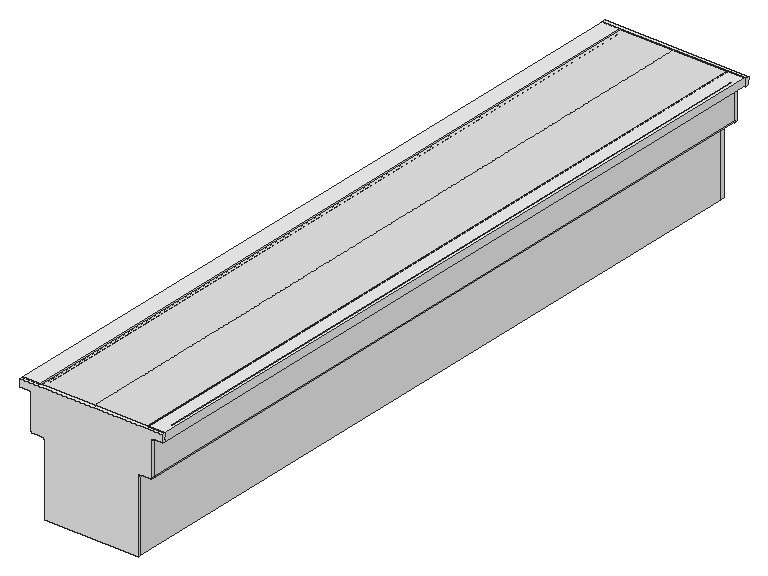
Revit family "Lighting-Linear-Current-NRL", category Lighting Fixtures, host Face, Revit 2019
Family settings
  Host = Face
  Round Connector Dimension = Use Diameter
  Part Type = Normal
  OmniClass Number = 23.80.70.11
  OmniClass Title = Luminaries for Internal Lighting
  Cut with Voids When Loaded = No
  Light Source = Yes
  Shared = No
  Room Calculation Point = No
Parameters (values of type "CWW4-30VWG-1WW-EDU")
  Width = 4.720"
  Wattage Comments = "10-65W"  # constant formula
  Wattage = 31 W
  built-in parameter 1150110 = 1 (stored number, unit not read)
  Voltage Comments = "120-277V"  # constant formula
  Voltage = 120 V
  Version = ""
  URL = "https://www.currentlighting.com/columbialighting"
  Type Comments = "Light Fixture"  # constant formula
  built-in parameter 1114217 = 1 (stored number, unit not read)
  Tilt Angle = -90.00°
  built-in parameter 1150109 = 1 (stored number, unit not read)
  built-in parameter 1150134 = 3
  built-in parameter 1150113 = 1 (stored number, unit not read)
  Product Page URL = "https://www.currentlighting.com/indoor-lighting/transition-nrl/234677"
  Product Documentation Link = "cdn.currentlighting.com/site/specsheet/COL_NRL_spec.pdf"
  Power Factor = 0.9
  Photometry Note = "Please load ies file listed under Photometric Web File for accurate rendering."  # constant formula
  Photometric Web File = "NRL4-LSCS_MED_4000K.ies"
  Mounting = "Please Refer to the Product Spec Sheet for Mounting options"  # constant formula
  Model = "NRL"  # constant formula
  Manufacturer = "Current Lighting"  # constant formula
  built-in parameter 1150105 = 109.82 (stored number, unit not read)
  Lumens = 3217 lm
  built-in parameter 1150115 = 1 (stored number, unit not read)
  Load Classification = Lighting
  built-in parameter 1150137 = (empty or 0)
  built-in parameter 1150139 = (empty or 0)
  Length = 23.750"
  built-in parameter 1150112 = 1 (stored number, unit not read)
  built-in parameter 1150114 = 1 (stored number, unit not read)
  Lamp = "LED"  # constant formula
  Keynote = ""
  built-in parameter 1150132 = (empty or 0)
  built-in parameter 1150102 = (empty or 0)
  built-in parameter 1150107 = 3000 (stored number, unit not read)
  built-in parameter 1150138 = (empty or 0)
  built-in parameter 1150106 = 1.0982 (stored number, unit not read)
  Housing Material = Paint - Current - White
  Features = "Switchable Lumen technology: 550/750/1000 lumens per foot\r\nSwitchable CCT technology: 3500/4000/5000K\r\nSmooth, frosted polycarbonate lens offers high performance without pixelation\r\n0-10V dimming to 10%\r\nContinuous row wiring\r\nAppropriate for offices, schools, medical, and public spaces\r\nHigh performance reflector with white paint standard\r\nLED modules and electrical accessible from below"  # constant formula
  Emit from Rectangle Width = Length - 0.200"  # 23.550"
  Emit from Rectangle Length = 3.000"  # constant formula
  Emit Shape Visible in Rendering = no
  built-in parameter 1150104 = 9.6619 (stored number, unit not read)
  Dimming Lamp Color Temperature Shift = (empty or 0)
  Dimmimng Protocol = "0-10V"  # constant formula
  Diffuser Material = Diffuser - Current - White
  Description = "The NRL is a narrow recessed linear fixture with switchable lumens and CCT for offices, schools, healthcare and public spaces."  # constant formula
  Depth = 3.820"
  Default Elevation = 48.000"
  Copyright = "© 2023 HLI Solutions, Inc."  # constant formula
  Controller = "Please Refer to the Product Spec Sheet for Controller options"  # constant formula
  Color Rendering Index = "80"
  Color Filter = 16777215
  built-in parameter 1114218 = 1 (stored number, unit not read)
  built-in parameter 1150133 = 10 (stored number, unit not read)
  Assembly Code = "D5020200"
  Apparent Load = Wattage  # 31 W
Reference planes (in)
  plane 1 "Center (Front/Back)": y = 0
  plane 2: z = 0
  plane 3 "Center (Left/Right)": x = 0
  plane 4: y = 11.875
  plane 5: y = -11.875
  plane 6: x = -1.75
  plane 7: x = 1.75
  plane 8 "Void Cut Depth": z = -3.77
  plane 9: y = 11.875
  plane 10: y = -11.875
  plane 11: z = -1.941
  plane 12: z = -0.031
  plane 13: z = 0.05
  plane 14: x = -1.524
  plane 15: z = -3.95
  plane 16: x = 1.524
  plane 17: y = -11.775
  plane 18: z = -3.95
  plane 19: y = 11.775
  plane 20: x = -2.36
  plane 21: x = 2.36
Forms (in)
  Extrusion 1, void, detail levels medium+fine
    sketch origin (0, 0, 0) x (1, 0, 0) y (0, 1, 0)
      loop
        line (-1.75, 11.875) -> (-1.75, -11.875) -> (1.75, -11.875) -> (1.75, 11.875) -> (-1.75, 11.875)
    from 0 to -3.77
  Extrusion 2, solid, material "Paint - Current - White" <- "Housing Material", detail levels medium+fine
    sketch origin (0, 0, 0) x (1, 0, 0) y (0, 0, 1)
      loop
        arc (1.53117, -1.44226) -> (1.54964, -1.39767) -> (1.59423, -1.3792) r 0.06306
        line (1.59423, -1.3792) -> (1.91907, -1.3792)
        arc (1.91907, -1.3792) -> (1.94878, -1.3669) -> (1.96108, -1.33719) r 0.04201
        line (1.96108, -1.33719) -> (1.96108, -0.23598)
        arc (1.96108, -0.23598) -> (1.97255, -0.20828) -> (2.00026, -0.19681) r 0.03918
        line (2.00026, -0.19681) -> (2.31471, -0.19681) -> (2.31471, 0.05) -> (1.7494, 0.05) -> (1.7494, 0) -> (2.25013, 0) -> (2.25013, -0.12395) -> (1.98696, -0.12395)
        arc (1.98696, -0.12395) -> (1.92764, -0.14853) -> (1.90307, -0.20785) r 0.0839
        line (1.90307, -0.20785) -> (1.90307, -1.32309) -> (1.59404, -1.32309) -> (0.81668, -1.70223) -> (0.80309, -1.67437) -> (0.68571, -1.73162) -> (0.66379, -1.68668) -> (0.48403, -1.77435) -> (0.50595, -1.81929) -> (0.38857, -1.87654) -> (0.40216, -1.90441) -> (0.32713, -1.941) -> (-0.32713, -1.941) -> (-1.59404, -1.32309) -> (-1.90307, -1.32309) -> (-1.90307, -0.20785)
        arc (-1.90307, -0.20785) -> (-1.92764, -0.14853) -> (-1.98696, -0.12395) r 0.0839
        line (-1.98696, -0.12395) -> (-2.25013, -0.12395) -> (-2.25013, 0) -> (-1.7494, 0) -> (-1.7494, 0.05) -> (-2.31471, 0.05) -> (-2.31471, -0.19681) -> (-2.00026, -0.19681)
        arc (-2.00026, -0.19681) -> (-1.97255, -0.20828) -> (-1.96108, -0.23598) r 0.03918
        line (-1.96108, -0.23598) -> (-1.96108, -1.33719)
        arc (-1.96108, -1.33719) -> (-1.94878, -1.3669) -> (-1.91907, -1.3792) r 0.04201
        line (-1.91907, -1.3792) -> (-1.61033, -1.3792)
        arc (-1.61033, -1.3792) -> (-1.55435, -1.40239) -> (-1.53117, -1.45836) r 0.07916
        line (-1.53117, -1.45836) -> (-1.53117, -3.77) -> (1.53117, -3.77) -> (1.53117, -1.44226)
      loop
        line (1.50017, -1.41182) -> (0.35163, -1.972) -> (-0.35162, -1.972) -> (-1.50017, -1.41182) -> (-1.50017, -3.739) -> (1.50017, -3.739) -> (1.50017, -1.41182)
    from -11.775 to 11.775
  Extrusion 3, solid, material "Diffuser - Current - White" <- "Diffuser Material", detail levels medium+fine
    sketch origin (0, 0, 0) x (1, 0, 0) y (0, 0, 1)
      loop
        line (0, 0.03906) -> (-1.7494, 0.03906) -> (-1.7494, -0.05462) -> (-1.85346, -0.14117)
        arc (-1.85346, -0.14117) -> (-1.88041, -0.2009) -> (-1.84999, -0.25894) r 0.07482
        line (-1.84999, -0.25894) -> (-1.77324, -0.31547)
        arc (-1.77324, -0.31547) -> (-1.75779, -0.31312) -> (-1.76014, -0.29767) r 0.01105
        line (-1.76014, -0.29767) -> (-1.81956, -0.2539)
        arc (-1.81956, -0.2539) -> (-1.84784, -0.19994) -> (-1.82279, -0.14441) r 0.06957
        line (-1.82279, -0.14441) -> (-1.71934, -0.05836) -> (-1.71934, 0.00806) -> (0, 0.00806) -> (1.71934, 0.00806) -> (1.71934, -0.05836) -> (1.82279, -0.14441)
        arc (1.82279, -0.14441) -> (1.84784, -0.19994) -> (1.81956, -0.2539) r 0.06957
        line (1.81956, -0.2539) -> (1.76014, -0.29767)
        arc (1.76014, -0.29767) -> (1.75779, -0.31312) -> (1.77324, -0.31547) r 0.01105
        line (1.77324, -0.31547) -> (1.84999, -0.25894)
        arc (1.84999, -0.25894) -> (1.88041, -0.2009) -> (1.85346, -0.14117) r 0.07482
        line (1.85346, -0.14117) -> (1.7494, -0.05462) -> (1.7494, 0.03906) -> (0, 0.03906)
    from -11.775 to 11.775
  Extrusion 4, solid, material "Paint - Current - White" <- "Housing Material", detail levels medium+fine
    sketch origin (0, 0, 0) x (1, 0, 0) y (0, 0, 1)
      loop
        line (-1.91907, -1.3792) -> (-1.61033, -1.3792)
        arc (-1.61033, -1.3792) -> (-1.55435, -1.40239) -> (-1.53117, -1.45836) r 0.07916
        line (-1.53117, -1.45836) -> (-1.53117, -3.77) -> (1.53117, -3.77) -> (1.53117, -1.44226)
        arc (1.53117, -1.44226) -> (1.54964, -1.39767) -> (1.59423, -1.3792) r 0.06306
        line (1.59423, -1.3792) -> (1.91907, -1.3792)
        arc (1.91907, -1.3792) -> (1.94878, -1.3669) -> (1.96108, -1.33719) r 0.04201
        line (1.96108, -1.33719) -> (1.96108, -0.23598)
        arc (1.96108, -0.23598) -> (1.97255, -0.20828) -> (2.00026, -0.19681) r 0.03918
        line (2.00026, -0.19681) -> (2.31471, -0.19681) -> (2.31471, 0.05) -> (0.083, 0.05) -> (-2.31471, 0.05) -> (-2.31471, -0.19681) -> (-2.00026, -0.19681)
        arc (-2.00026, -0.19681) -> (-1.97255, -0.20828) -> (-1.96108, -0.23598) r 0.03918
        line (-1.96108, -0.23598) -> (-1.96108, -1.33719)
        arc (-1.96108, -1.33719) -> (-1.94878, -1.3669) -> (-1.91907, -1.3792) r 0.04201
    from 11.775 to 11.875
  Extrusion 5, solid, material "Paint - Current - White" <- "Housing Material", detail levels medium+fine
    sketch origin (0, 0, 0) x (1, 0, 0) y (0, 0, -1)
      loop
        line (1.53117, 3.7625) -> (-1.53117, 3.7625) -> (-1.53117, 1.3792) -> (-1.96108, 1.3792) -> (-1.96108, 0.19681) -> (-2.33458, 0.19681) -> (-2.33458, -0.05) -> (2.33458, -0.05) -> (2.33458, 0.19681) -> (1.96108, 0.19681) -> (1.96108, 1.3792) -> (1.53117, 1.3792) -> (1.53117, 3.7625)
    from 11.775 to 11.875
  Extrusion 6, solid, material "Paint - Current - White" <- "Housing Material", detail levels coarse
    sketch origin (0, 0, 0) x (1, 0, 0) y (0, 0, 1)
      loop
        line (-2.36, 0.05) -> (-2.36, -3.95) -> (2.36, -3.95) -> (2.36, 0.05) -> (-2.36, 0.05)
    from -11.875 to 11.875
Lines and regions (in)
  symbolic lines, detail levels medium+fine
    curve 1: line (-1.6801, 11.875, 0) -> (-1.6801, -11.875, 0)
    curve 2: line (0.84728, -11.875, 0) -> (0.84728, 11.875, 0)
Dimensions and locks (in)
  equal spacing: plane 4, plane 1 "Center (Front/Back)", plane 5
  "Length": plane 4 to plane 5
  level to plane 8 "Void Cut Depth" = 3.770"
  equal spacing: plane 6, plane 3 "Center (Left/Right)", plane 7, locked at 1.75 each
  locked: plane 6 to plane 7 at 3.5
  equal spacing: plane 9, plane 1 "Center (Front/Back)", plane 10
  "Length": plane 9 to plane 10
  locked: host face to plane 12 at 0.031
  locked: plane 13 to host face at 0.05
  locked: plane 17 to plane 10 at 0.1
  locked: plane 19 to plane 9 at 0.1
  equal spacing: plane 21, plane 3 "Center (Left/Right)", plane 20
  "Width": plane 21 to plane 20
  "Depth": plane 13 to plane 8 "Void Cut Depth"
  Extrusion 2 sketch curve to Extrusion 2 sketch curve to Extrusion 2 sketch curve = 0.031" locked, 1.767" locked
  Extrusion 2 sketch curve to Extrusion 2 sketch curve to Extrusion 2 sketch curve = 0.031" locked, 0.61791" locked
  Extrusion 2 sketch curve to Extrusion 2 sketch curve to Extrusion 2 sketch curve = 0.031" locked, 0.3719" locked
  Extrusion 2 sketch curve to Extrusion 2 sketch curve to Extrusion 2 sketch curve = 0.28905" locked, 0.05801" locked
  Extrusion 2 sketch curve to Extrusion 2 sketch curve to Extrusion 2 sketch curve = 1.12628" locked, 0.07285" locked
  locked: Extrusion 2 sketch curve to Extrusion 2 sketch curve at 0.05
  locked: Extrusion 2 sketch curve to Extrusion 2 sketch curve at 0.15367
  aligned and locked: plane 2 to host face
  aligned and locked: level to host face
  aligned and locked: Extrusion 1 sketch curve to plane 4
  aligned and locked: plane 6 to Extrusion 1 sketch curve
  aligned and locked: plane 5 to Extrusion 1 sketch curve
  aligned and locked: Extrusion 1 sketch curve to plane 7
  aligned and locked: Extrusion 1 to plane 8 "Void Cut Depth"
  aligned and locked: level to Extrusion 1
  aligned and locked: Extrusion 4 to plane 10
  aligned and locked: plane 17 to Extrusion 4
  aligned and locked: Extrusion 3 to Extrusion 4
  aligned and locked: Extrusion 2 to Extrusion 3  (x2)
  aligned and locked: Extrusion 5 to plane 19
  aligned and locked: plane 9 to Extrusion 5
  aligned and locked: Extrusion 3 to Extrusion 5
  aligned and locked: imposter light to plane 3 "Center (Left/Right)"
  aligned and locked: plane 1 "Center (Front/Back)" to imposter light
  aligned and locked: level to imposter light
  aligned and locked: plane 9 to curve 2
  aligned and locked: plane 10 to curve 2
  aligned and locked: plane 10 to curve 1
  aligned and locked: plane 9 to curve 1
  aligned and locked: Extrusion 2 sketch curve to plane 8 "Void Cut Depth"
  aligned and locked: Extrusion 4 sketch curve to Extrusion 2  (x11)
  aligned and locked: Extrusion 2 to Extrusion 3 sketch curve
  aligned and locked: plane 9 to Extrusion 6
  aligned and locked: Extrusion 6 to plane 10
  aligned and locked: plane 21 to Extrusion 6
  aligned and locked: Extrusion 6 to plane 20
Automatic sketch dimensions
  host sketch curve to host sketch curve = 96.000"  (x2)
  plane 3 "Center (Left/Right)" to curve 2 = 0.84728"
  Extrusion 6 sketch curve to plane 8 "Void Cut Depth" = 0.180"
  Extrusion 5 sketch curve to plane 13 = 0.000"
  plane 20 to Extrusion 5 sketch curve = 0.02542"
  Extrusion 5 sketch curve to Extrusion 5 sketch curve = 0.3735"
  Extrusion 5 sketch curve to Extrusion 5 sketch curve = 0.42991"
  Extrusion 5 sketch curve to plane 21 = 0.82883"
  Extrusion 5 sketch curve to plane 21 = 0.39892"
  Extrusion 5 sketch curve to plane 21 = 0.02542"
  Extrusion 5 sketch curve to level = 0.19681"  (x2)
  Extrusion 5 sketch curve to Extrusion 5 sketch curve = 1.1824"  (x2)
  plane 8 "Void Cut Depth" to Extrusion 5 sketch curve = 0.0075"
  Extrusion 2 sketch curve to plane 13 = 0.000"
  Extrusion 2 sketch curve to level = 0.000"  (x2)
  plane 20 to Extrusion 2 sketch curve = 0.04529"
  Extrusion 2 sketch curve to Extrusion 2 sketch curve = 0.06458"
  Extrusion 2 sketch curve to Extrusion 2 sketch curve = 0.24987"
  Extrusion 2 sketch curve to Extrusion 2 sketch curve = 0.01329"  (x2)
  plane 20 to Extrusion 2 sketch curve = 0.39892"
  Extrusion 2 sketch curve to Extrusion 2 sketch curve = 0.04201"
  Extrusion 2 sketch curve to Extrusion 2 sketch curve = 0.016"  (x2)
  Extrusion 2 sketch curve to Extrusion 2 sketch curve = 0.23756"
  Extrusion 2 sketch curve to Extrusion 2 sketch curve = 0.29274"
  Extrusion 2 sketch curve to Extrusion 2 sketch curve = 0.031"
  Extrusion 2 sketch curve to Extrusion 2 sketch curve = 0.09387"
  plane 3 "Center (Left/Right)" to Extrusion 2 sketch curve = 0.32713"
  Extrusion 2 sketch curve to Extrusion 2 sketch curve = 0.02449"  (x2)
  plane 11 to Extrusion 2 sketch curve = 0.06446"
  Extrusion 2 sketch curve to Extrusion 2 sketch curve = 0.06144"
  plane 11 to Extrusion 2 sketch curve = 0.16665"
  Extrusion 2 sketch curve to Extrusion 2 sketch curve = 0.09546"
  plane 11 to Extrusion 2 sketch curve = 0.25432"
  plane 11 to Extrusion 2 sketch curve = 0.20938"
  plane 11 to Extrusion 2 sketch curve = 0.26663"
  plane 11 to Extrusion 2 sketch curve = 0.23877"
  Extrusion 2 sketch curve to Extrusion 2 sketch curve = 0.00018"
  Extrusion 2 sketch curve to Extrusion 2 sketch curve = 0.30902"
  Extrusion 2 sketch curve to Extrusion 2 sketch curve = 0.02588"
  Extrusion 2 sketch curve to plane 21 = 0.10987"
  Extrusion 2 sketch curve to plane 21 = 0.04529"
  plane 11 to Extrusion 2 sketch curve = 0.48264"
  Extrusion 2 sketch curve to Extrusion 2 sketch curve = 0.11917"
  Extrusion 2 sketch curve to Extrusion 2 sketch curve = 0.03044"
  Extrusion 2 sketch curve to Extrusion 2 sketch curve = 0.04654"
  Extrusion 2 sketch curve to Extrusion 2 sketch curve = 0.0141"
  Extrusion 2 sketch curve to level = 0.23598"
  Extrusion 2 sketch curve to Extrusion 2 sketch curve = 0.02814"
  Extrusion 2 sketch curve to Extrusion 2 sketch curve = 0.01628"
  Extrusion 2 sketch curve to plane 3 "Center (Left/Right)" = 0.35163"
  Extrusion 4 sketch curve to Extrusion 4 sketch curve = 0.04201"
  Extrusion 4 sketch curve to plane 14 = 0.08633"
  Extrusion 4 sketch curve to level = 0.23598"
  Extrusion 4 sketch curve to plane 16 = 1.441"
  Extrusion 4 sketch curve to Extrusion 4 sketch curve = 0.03918"  (x2)
  Extrusion 4 sketch curve to Extrusion 4 sketch curve = 0.06306"
  plane 20 to curve 1 = 0.6799"
  Extrusion 3 sketch curve to plane 3 "Center (Left/Right)" = 0.000"  (x2)
  plane 20 to Extrusion 3 sketch curve = 0.64066"
  Extrusion 3 sketch curve to plane 13 = 0.01094"
  plane 12 to Extrusion 3 sketch curve = 0.02736"  (x2)
  plane 12 to Extrusion 3 sketch curve = 0.02362"  (x2)
  Extrusion 3 sketch curve to Extrusion 3 sketch curve = 0.03006"  (x2)
  plane 12 to Extrusion 3 sketch curve = 0.26667"  (x2)
  Extrusion 3 sketch curve to Extrusion 3 sketch curve = 0.04079"  (x2)
  Extrusion 3 sketch curve to Extrusion 3 sketch curve = 0.00655"  (x4)
  Extrusion 3 sketch curve to level = 0.31547"  (x2)
  Extrusion 3 sketch curve to Extrusion 3 sketch curve = 0.01817"  (x2)
  Extrusion 3 sketch curve to Extrusion 3 sketch curve = 0.02731"  (x2)
  plane 12 to Extrusion 3 sketch curve = 0.2229"  (x2)
  plane 12 to Extrusion 3 sketch curve = 0.11341"  (x2)
  Extrusion 3 sketch curve to Extrusion 3 sketch curve = 0.01718"  (x2)
  plane 12 to Extrusion 3 sketch curve = 0.22794"  (x2)
  plane 12 to Extrusion 3 sketch curve = 0.11017"  (x2)
  Extrusion 3 sketch curve to Extrusion 3 sketch curve = 0.03067"  (x2)
  level to Extrusion 3 sketch curve = 0.00806"
  Extrusion 6 sketch curve to plane 13 = 0.000"
  Extrusion 6 sketch curve to plane 20 = 0.000"
  plane 21 to Extrusion 6 sketch curve = 0.000"
Connectors (in)
  electrical at (-0.57325, 0, -3.95), driven by "Voltage", driven by "Apparent Load", driven by "Apparent Load", driven by "Power Factor"
    settings: on Extrusion 2, index 1, voltage 120 V, apparent load 31 W, apparent load phase1 31 W, apparent load phase2 0 W, apparent load phase3 0 W, power factor 0.9, load classification "Other", number of poles 1, system type 30, power factor state 1, is connector primary yes, connector utility no, sub classification motor no, connector description "Light Fixture"
Types in the file's own list only (27): name | Width | Photometric Web File | Length | Emit from Rectangle Width | Emit from Rectangle Length | Depth | Default Elevation | Apparent Load
  NRL2-LSCS-HIGH_3500K | 4.720 " | "NRL2-LSCS-HIGH_3500K.ies" | 23.750 " | 23.550 " | 3.000 " | 3.820 " | 48.000 " | 17 W
  NRL2-LSCS-HIGH_4000K | 4.720 " | "NRL2-LSCS-HIGH_4000K.ies" | 23.750 " | 23.550 " | 3.000 " | 3.820 " | 48.000 " | 17 W
  NRL2-LSCS-HIGH_5000K | 4.720 " | "NRL2-LSCS-HIGH_5000K.ies" | 23.750 " | 23.550 " | 3.000 " | 3.820 " | 48.000 " | 17 W
  NRL2-LSCS_LOW_3500K | 4.720 " | "NRL2-LSCS_LOW_3500K.ies" | 23.750 " | 23.550 " | 3.000 " | 3.820 " | 48.000 " | 9 W
  NRL2-LSCS_LOW_4000K | 4.720 " | "NRL2-LSCS_LOW_4000K.ies" | 23.750 " | 23.550 " | 3.000 " | 3.820 " | 48.000 " | 9 W
  NRL2-LSCS_LOW_5000K | 4.720 " | "NRL2-LSCS_LOW_5000K.ies" | 23.750 " | 23.550 " | 3.000 " | 3.820 " | 48.000 " | 9 W
  NRL2-LSCS_MED_3500K | 4.720 " | "NRL2-LSCS_MED_3500K.ies" | 23.750 " | 23.550 " | 3.000 " | 3.820 " | 48.000 " | 12 W
  NRL2-LSCS_MED_4000K | 4.720 " | "NRL2-LSCS_MED_4000K.ies" | 23.750 " | 23.550 " | 3.000 " | 3.820 " | 48.000 " | 13 W
  NRL2-LSCS_MED_5000K | 4.720 " | "NRL2-LSCS_MED_5000K.ies" | 23.750 " | 23.550 " | 3.000 " | 3.820 " | 48.000 " | 12 W
  NRL4-LSCS-HIGH_3500K | 4.720 " | "NRL4-LSCS-HIGH_3500K.ies" | 47.750 " | 47.550 " | 3.000 " | 3.820 " | 48.000 " | 35 W
  NRL4-LSCS-HIGH_4000K | 4.720 " | "NRL4-LSCS-HIGH_4000K.ies" | 47.750 " | 47.550 " | 3.000 " | 3.820 " | 48.000 " | 33 W
  NRL4-LSCS-HIGH_5000K | 4.720 " | "NRL4-LSCS-HIGH_5000K.ies" | 47.750 " | 47.550 " | 3.000 " | 3.820 " | 48.000 " | 35 W
  NRL4-LSCS_LOW_3500K | 4.720 " | "NRL4-LSCS_LOW_3500K.ies" | 47.750 " | 47.550 " | 3.000 " | 3.820 " | 48.000 " | 18 W
  NRL4-LSCS_LOW_4000K | 4.720 " | "NRL4-LSCS_LOW_4000K.ies" | 47.750 " | 47.550 " | 3.000 " | 3.820 " | 48.000 " | 18 W
  NRL4-LSCS_LOW_5000K | 4.720 " | "NRL4-LSCS_LOW_5000K.ies" | 47.750 " | 47.550 " | 3.000 " | 3.820 " | 48.000 " | 18 W
  NRL4-LSCS_MED_3500K | 4.720 " | "NRL4-LSCS_MED_3500K.ies" | 47.750 " | 47.550 " | 3.000 " | 3.820 " | 48.000 " | 24 W
  NRL4-LSCS_MED_4000K | 4.720 " | "NRL4-LSCS_MED_4000K.ies" | 47.750 " | 47.550 " | 3.000 " | 3.820 " | 48.000 " | 25 W
  NRL4-LSCS_MED_5000K | 4.720 " | "NRL4-LSCS_MED_5000K.ies" | 47.750 " | 47.550 " | 3.000 " | 3.820 " | 48.000 " | 24 W
  NRL8-LSCS-HIGH_3500K | 4.720 " | "NRL8-LSCS-HIGH_3500K.ies" | 95.750 " | 95.550 " | 3.000 " | 3.820 " | 48.000 " | 70 W
  NRL8-LSCS-HIGH_4000K | 4.720 " | "NRL8-LSCS-HIGH_4000K.ies" | 95.750 " | 95.550 " | 3.000 " | 3.820 " | 48.000 " | 66 W
  NRL8-LSCS-HIGH_5000K | 4.720 " | "NRL8-LSCS-HIGH_5000K.ies" | 95.750 " | 95.550 " | 3.000 " | 3.820 " | 48.000 " | 70 W
  NRL8-LSCS_LOW_3500K | 4.720 " | "NRL8-LSCS_LOW_3500K.ies" | 95.750 " | 95.550 " | 3.000 " | 3.820 " | 48.000 " | 36 W
  NRL8-LSCS_LOW_4000K | 4.720 " | "NRL8-LSCS_LOW_4000K.ies" | 95.750 " | 95.550 " | 3.000 " | 3.820 " | 48.000 " | 36 W
  NRL8-LSCS_LOW_5000K | 4.720 " | "NRL8-LSCS_LOW_5000K.ies" | 95.750 " | 95.550 " | 3.000 " | 3.820 " | 48.000 " | 36 W
  NRL8-LSCS_MED_3500K | 4.720 " | "NRL8-LSCS_MED_3500K.ies" | 95.750 " | 95.550 " | 3.000 " | 3.820 " | 48.000 " | 48 W
  NRL8-LSCS_MED_4000K | 4.720 " | "NRL8-LSCS_MED_4000K.ies" | 95.750 " | 95.550 " | 3.000 " | 3.820 " | 48.000 " | 50 W
  NRL8-LSCS_MED_5000K | 4.720 " | "NRL8-LSCS_MED_5000K.ies" | 95.750 " | 95.550 " | 3.000 " | 3.820 " | 48.000 " | 48 W
